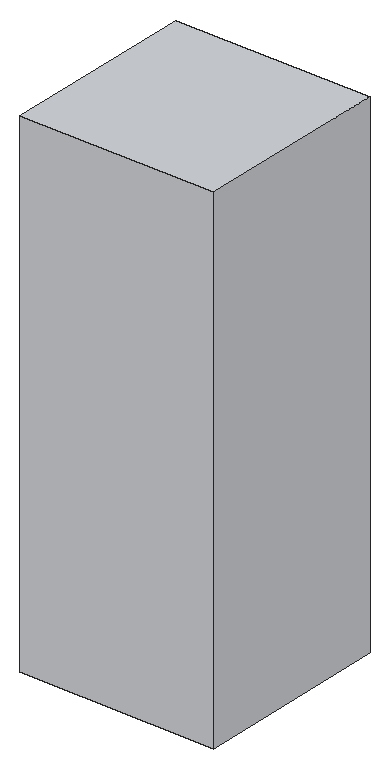
Revit family "Сейф защитный", category Оборудование, Revit 2017
Family settings
  Размер круглого соединителя = Использовать диаметр
  Тип детали = Нормальный
  На основе рабочей плоскости = Нет
  Всегда вертикально = Да
  При загрузке вырезать с полостями = Нет
  Общий = Нет
  Точка расчета площади = Нет
Parameters (values of type "Тип")
  Общ_Ширина = 700.0 mm
  Общ_Тип, марка = "DKR"
  Общ_Примечание КР [instance] = ""
  Общ_Примечание АР [instance] = ""
  Общ_Примечание = ""
  Общ_Поставщик = ""
  Общ_Позиция = ""
  Общ_Наименование = "Сейф защитный. Св. экв. 3,0 мм."
  Общ_Масса = "250"
  Общ_Код продукции = ""
  Общ_Единицы измерения = "шт."
  Общ_Глубина = 700.0 mm
  Общ_Высота = 1800.0 mm
  Keynote = ""
  Model = ""
Reference planes
  plane 1 "По центру (Вперед/Назад)": y = 0
  plane 2: z = 0
  plane 3 "По центру (Влево/Вправо)": x = 0
Forms (mm)
  Extrusion 1, solid, detail levels fine
    sketch origin (0, 0, 0) x (1, 0, 0) y (0, 1, 0)
      loop
        line (-350, -350) -> (350, -350) -> (350, 350) -> (-350, 350) -> (-350, -350)
    from 0 to 1800
Lines and regions (mm)
  symbolic lines, detail levels coarse+medium
    curve 1: line (-350, 350, 0) -> (350, 350, 0)
    curve 2: line (-350, -350, 0) -> (-350, 350, 0)
    curve 3: line (350, -350, 0) -> (-350, -350, 0)
    curve 4: line (350, 350, 0) -> (350, -350, 0)
    curve 5: line (-10, -350, 0) -> (0, -312.679, 0)
    curve 6: line (10, -350, 0) -> (0, -312.679, 0)
Dimensions and locks
  "Общ_Ширина": Extrusion 1 to Extrusion 1
  equal spacing: Extrusion 1, plane 3 "По центру (Влево/Вправо)", Extrusion 1
  "Общ_Глубина": Extrusion 1 to Extrusion 1
  equal spacing: Extrusion 1, plane 1 "По центру (Вперед/Назад)", Extrusion 1
  "Общ_Высота": Extrusion 1 to Extrusion 1
  aligned and locked: level to plane 2
Automatic sketch dimensions
  curve 5 to plane 3 "По центру (Влево/Вправо)" = 0.0 mm
  curve 1 to plane 3 "По центру (Влево/Вправо)" = 350.0 mm
  plane 3 "По центру (Влево/Вправо)" to curve 1 = 350.0 mm
  plane 1 "По центру (Вперед/Назад)" to curve 3 = 350.0 mm
  curve 5 to curve 5 = 37.321 mm
  curve 1 to plane 1 "По центру (Вперед/Назад)" = 350.0 mm
  curve 5 to plane 3 "По центру (Влево/Вправо)" = 10.0 mm
  plane 3 "По центру (Влево/Вправо)" to curve 6 = 10.0 mm
  Extrusion 1 sketch curve to plane 3 "По центру (Влево/Вправо)" = 350.0 mm
  plane 3 "По центру (Влево/Вправо)" to Extrusion 1 sketch curve = 350.0 mm
  plane 1 "По центру (Вперед/Назад)" to Extrusion 1 sketch curve = 350.0 mm
  Extrusion 1 sketch curve to plane 1 "По центру (Вперед/Назад)" = 350.0 mm
